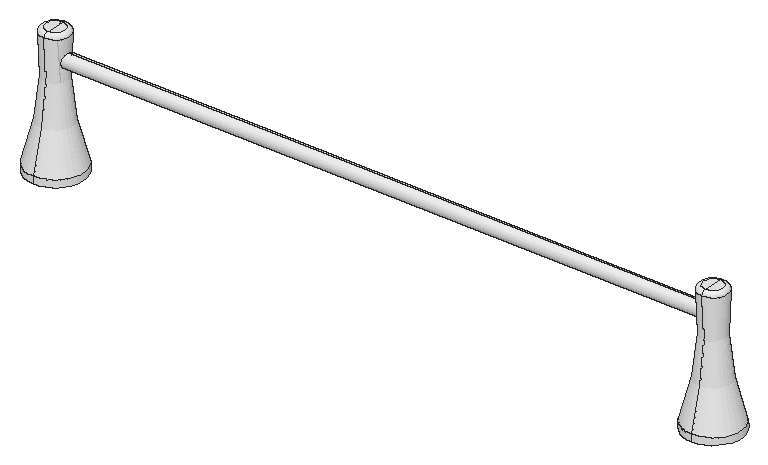
Revit family "Towel_Bar-American_Standard-C_Series-8337_Series", category Specialty Equipment, host Face, Revit 2014
Parameters (values of type "8337.024")
  Width = 24"
  Warranty Information = "1 Year Warranty"
  URL = "http://www.americanstandard-us.com"
  Type Comments = ""
  Revised Date = "11/22/2016"
  Product Page URL = "https://www.americanstandard-us.com/bathroom/bathroom-accessories/c-series-24-inch-towel-bar-22908"
  Product Documentation Link = "https://www.americanstandard-us.com/-/media/sites/asus/files/product-specs/bulk/specsheet8337024.pdf?la=en"
  Price = "Prices may vary. Please consult Manufacturer Representative for most up-to-date price list."  # constant formula
  Model = "8337.024"
  Material = "Metal-American Standard-002-Polished Chrome"
  Manufacturer = "American Standard"
  Length = 4 11/16"
  Installation Type = "Wall Mounted"
  Height = 2"
  Description = "C Series 24\" Towel Bar."
  Default Elevation = 40"
  Creation Date = "04/04/2014"
  Assembly Code = "C1030220"
Types (3): name | Width | Product Page URL | Product Documentation Link | Model | Description
  (no name) | 24" | "https://www.americanstandard-us.com/bathroom/bathroom-accessories/c-series-24-inch-towel-bar-22908" | "https://www.americanstandard-us.com/-/media/sites/asus/files/product-specs/bulk/specsheet8337024.pdf?la=en" | "8337.024" | "C Series 24\" Towel Bar."
  8337.024 | 24" | "https://www.americanstandard-us.com/bathroom/bathroom-accessories/c-series-24-inch-towel-bar-22908" | "https://www.americanstandard-us.com/-/media/sites/asus/files/product-specs/bulk/specsheet8337024.pdf?la=en" | "8337.024" | "C Series 24\" Towel Bar."
  8337.018 | 18" | "https://www.americanstandard-us.com/bathroom/bathroom-accessories/c-series-18-inch-towel-bar-22904" | "https://www.americanstandard-us.com/-/media/sites/asus/files/product-specs/bulk/specsheet8337018.pdf?la=en" | "8337.018" | "C Series 18\" Towel Bar."
Reference planes (in)
  plane 1 "Center (Front/Back)": y = 0
  plane 2: z = 0
  plane 3 "Center (Left/Right)": x = 0
  plane 4 "Floor Level": y = -40
  plane 5: y = 1
  plane 6: y = -1
  plane 7: x = -12
  plane 8: x = 12
  plane 9: z = 3.75
Forms (in)
  Extrusion 1, solid, material "Metal-American Standard-002-Polished Chrome"
    sketch origin (3, 0, 0) x (0, 0, -1) y (0, 1, 0)
      loop
        circle (-3.75, 0) r 0.25
    from -15 to 9
  Revolve 2, solid, material "Metal-American Standard-002-Polished Chrome"
    sketch origin (12, 0, 0) x (0, 0, -1) y (0, -1, 0)
      loop
        line (0, -1) -> (0, 0) -> (-4.6875, 0) -> (-4.6875, -0.35108)
        arc (-4.6875, -0.35108) -> (-4.64272, -0.4592) -> (-4.5346, -0.50399) r 0.1529
        arc (-4.5346, -0.50399) -> (-2.36415, -0.50882) -> (-0.25, -1) r 9.62211
        line (-0.25, -1) -> (0, -1)
      axis (-4.6875, 0) -> (0, 0)
    angle from 0 to 360
  Revolve 3, solid, material "Metal-American Standard-002-Polished Chrome"
    sketch origin (-12, 0, 0) x (0, 0, -1) y (0, 1, 0)
      loop
        line (0, 1) -> (-0.25, 1)
        arc (-0.25, 1) -> (-2.36415, 0.50882) -> (-4.5346, 0.50399) r 9.62211
        arc (-4.5346, 0.50399) -> (-4.64272, 0.4592) -> (-4.6875, 0.35108) r 0.1529
        line (-4.6875, 0.35108) -> (-4.6875, 0) -> (0, 0) -> (0, 1)
      axis (-4.6875, 0) -> (0, 0)
    angle from 0 to 360
Cuts and joins
  joined: Extrusion 1, Revolve 2, Revolve 3
Lines and regions (in)
  Masking region 1
    outline origin (0, 0, 0) x (1, 0, 0) y (0, 0, 1)
      loop
        arc (-11.49601, 4.5346) -> (-11.54052, 4.64206) -> (-11.64798, 4.68657) r 0.15197
        line (-11.64798, 4.68657) -> (-12.35202, 4.68657)
        arc (-12.35202, 4.68657) -> (-12.45948, 4.64206) -> (-12.50399, 4.5346) r 0.15197
        arc (-12.50399, 4.5346) -> (-12.50946, 2.36422) -> (-13, 0.25) r 9.64688
        line (-13, 0.25) -> (-13, 0) -> (-11.00056, 0) -> (-11.00056, 0.25)
        arc (-11.00056, 0.25) -> (-11.41711, 1.84949) -> (-11.55451, 3.49661) r 9.64657
        line (-11.55451, 3.49661) -> (11.42236, 3.49661)
        arc (11.42236, 3.49661) -> (11.31804, 1.85889) -> (11.00032, 0.24891) r 12.51454
        line (11.00032, 0.24891) -> (11.00032, 0) -> (13, 0) -> (13, 0.25)
        arc (13, 0.25) -> (12.50946, 2.36422) -> (12.50399, 4.5346) r 9.64688
        arc (12.50399, 4.5346) -> (12.45948, 4.64206) -> (12.35202, 4.68657) r 0.15197
        line (12.35202, 4.68657) -> (11.64798, 4.68657)
        arc (11.64798, 4.68657) -> (11.54742, 4.64491) -> (11.50577, 4.54435) r 0.14221
        arc (11.50577, 4.54435) -> (11.5261, 4.2698) -> (11.54044, 3.99488) r 12.64353
        line (11.54044, 3.99488) -> (-11.54044, 3.99488)
        arc (-11.54044, 3.99488) -> (-11.52201, 4.26505) -> (-11.49601, 4.5346) r 9.64688
  symbolic lines, detail levels medium+fine
    curve 1: arc (11.54044, 0, 3.99488) -> (11.54846, 0, 3.74581) -> (11.55021, 0, 3.49661) r 9.90653
    curve 2: arc (-11.54044, 0, 3.99488) -> (-11.54697, 0, 3.74577) -> (-11.5507, 0, 3.49661) r 22.22302
  symbolic lines, detail levels fine
    curve 3: line (11, 0, 0.25) -> (13, 0, 0.25)
    curve 4: line (-11.00056, 0, 0.25) -> (-13, 0, 0.25)
Dimensions and locks (in)
  "Default Elevation": plane 4 "Floor Level" to plane 1 "Center (Front/Back)"
  locked: plane 5 to plane 6 at 2
  equal spacing: plane 7, plane 3 "Center (Left/Right)", plane 8
  "Width": plane 7 to plane 8
  locked: plane 9 to level at 3.75
  aligned and locked: plane 2 to host face
  aligned and locked: level to host face
  aligned and locked: Extrusion 1 to plane 8
  aligned and locked: plane 7 to Extrusion 1
  aligned and locked: plane 7 to Revolve 3
  aligned and locked: plane 8 to Revolve 2
  aligned and locked: plane 9 to Extrusion 1 sketch curve
  aligned and locked: plane 1 "Center (Front/Back)" to Extrusion 1 sketch curve
  aligned and locked: Masking region 1 sketch curve to cut or joined group of Extrusion 1, Revolve 2, Revolve 3
  aligned and locked: Masking region 1 sketch curve to Masking region 1 sketch curve  (x4)
  aligned and locked: cut or joined group of Extrusion 1, Revolve 2, Revolve 3 to Masking region 1 sketch curve
  aligned and locked: level to Masking region 1 sketch curve
  aligned and locked: curve 1 to Masking region 1
  aligned and locked: Masking region 1 to curve 1
  aligned and locked: Masking region 1 to curve 2  (x2)
  aligned and locked: curve 3 to curve 3
  aligned and locked: curve 4 to curve 4
  aligned and locked: Revolve 3 sketch curve to plane 1 "Center (Front/Back)"
  aligned and locked: plane 1 "Center (Front/Back)" to Revolve 2 sketch curve
Automatic sketch dimensions
  host sketch curve to host sketch curve = 96"  (x2)
  Revolve 2 sketch curve to plane 1 "Center (Front/Back)" = 0"
  Revolve 2 sketch curve to plane 5 = 0"
  Revolve 2 sketch curve to level = 0"
  level to Revolve 2 sketch curve = 1/4"
  level to Revolve 2 sketch curve = 3.47067"
  Revolve 2 sketch curve to plane 1 "Center (Front/Back)" = 0.35108"
  Revolve 2 sketch curve to Revolve 2 sketch curve = 4.2846"
  Revolve 2 sketch curve to Revolve 2 sketch curve = 0.1529"
  level to Revolve 2 sketch curve = 1.21798"
  Revolve 2 sketch curve to Revolve 2 sketch curve = 1/2"
  Revolve 3 sketch curve to plane 1 "Center (Front/Back)" = 0"
  Revolve 3 sketch curve to plane 5 = 0"
  Revolve 3 sketch curve to level = 0"
  Revolve 3 sketch curve to Revolve 3 sketch curve = 1/4"
  level to Revolve 3 sketch curve = 3.47067"
  Revolve 3 sketch curve to plane 1 "Center (Front/Back)" = 0.35108"
  Revolve 3 sketch curve to Revolve 3 sketch curve = 4.2846"
  Revolve 3 sketch curve to Revolve 3 sketch curve = 0.1529"
  Revolve 3 sketch curve to Revolve 3 sketch curve = 1.21798"
  Revolve 3 sketch curve to Revolve 3 sketch curve = 1/2"
  Masking region 1 sketch curve to Masking region 1 sketch curve = 0.00031"
  Masking region 1 sketch curve to Masking region 1 sketch curve = 0.00161"
  Masking region 1 sketch curve to Masking region 1 sketch curve = 0.00018"
  Masking region 1 sketch curve to Masking region 1 sketch curve = 0.00202"
  Masking region 1 sketch curve to level = 0"
  Masking region 1 sketch curve to plane 9 = 0.2764"  (x2)
  plane 7 to Masking region 1 sketch curve = 10.09234"
  plane 7 to Masking region 1 sketch curve = 1"
  plane 7 to Masking region 1 sketch curve = 0.35202"
  Masking region 1 sketch curve to plane 7 = 0.35202"
  plane 9 to Masking region 1 sketch curve = 0.24488"
  Masking region 1 sketch curve to plane 7 = 0.45956"
  Masking region 1 sketch curve to plane 7 = 0.99944"
  Masking region 1 sketch curve to plane 9 = 0.27842"
  Masking region 1 sketch curve to plane 3 "Center (Left/Right)" = 1.09216"
  Masking region 1 sketch curve to plane 9 = 0.27802"
  level to Masking region 1 sketch curve = 0.24891"
  plane 8 to Masking region 1 sketch curve = 0.99968"
  plane 8 to Masking region 1 sketch curve = 0.45956"
  Masking region 1 sketch curve to plane 9 = 0.25339"
  plane 8 to Masking region 1 sketch curve = 0.35202"
  Masking region 1 sketch curve to plane 8 = 0.35202"
  Masking region 1 sketch curve to plane 8 = 1"
  Masking region 1 sketch curve to Masking region 1 sketch curve = 9.09234"
  Masking region 1 sketch curve to Masking region 1 sketch curve = 1/4"  (x2)
  plane 9 to Masking region 1 sketch curve = 0.7846"
  Masking region 1 sketch curve to plane 7 = 0.44549"
  curve 1 to plane 9 = 0.19843"
  plane 3 "Center (Left/Right)" to curve 1 = 1.64383"
  curve 2 to plane 9 = 0.4617"
  plane 8 to curve 2 = 1.32866"
  level to curve 4 = 1/4"
  curve 4 to plane 7 = 0.99944"
  curve 2 to plane 7 = 0.45956"
  plane 7 to curve 4 = 1"
  level to curve 3 = 1/4"
  plane 8 to curve 3 = 1"
  plane 8 to curve 1 = 0.45956"
  curve 3 to plane 8 = 1"
  radius of Extrusion 1 sketch curve = 1/4"
